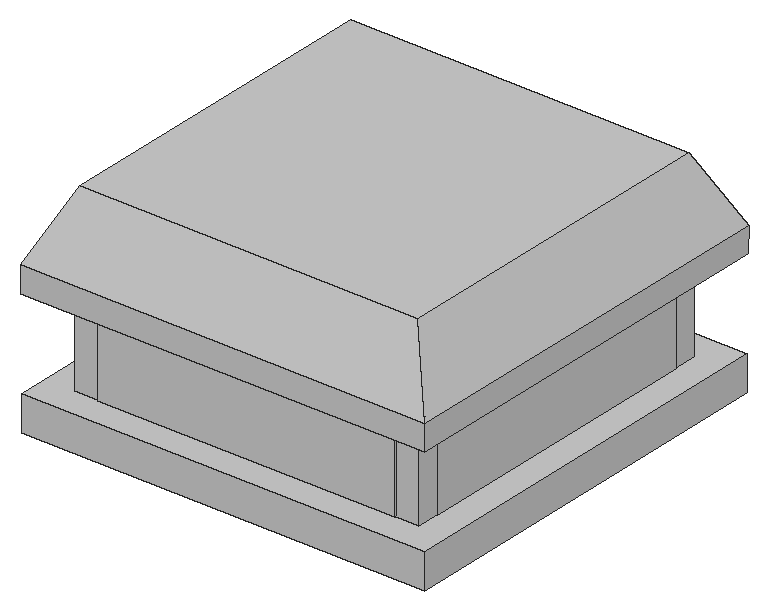
Revit family "VENTS-VKH_EC", category Mechanical Equipment, Revit 2019
Family settings
  Round Connector Dimension = Use Diameter
  Classification = None
  Part Type = Normal
  OmniClass Number = 23.75.35.17.14
  OmniClass Title = Fans, Single Units
  Work Plane-Based = No
  Always vertical = Yes
  Cut with Voids When Loaded = No
  Shared = No
  Room Calculation Point = No
Parameters (values of type "VKH 190 EC")
  gsA = A * 0.8  # 280.8 mm
  grGap2 = 20 mm  # constant formula
  grGap1 = 1 mm  # constant formula
  Weight = 8.00 kg
  Voltage = 230 V
  URL = "https://ventilation-system.com/product/vkh-190-ec"
  Type Comments = "Centrifugal roof fan VKH 190 EC"
  Transported Air Temperature (°C) = "-25...+60"
  Sound Pressure Level at 3 m (dBA) = 0
  Sound Pressure Level at 1 m (dBA) = 0
  RPM (min-1) = 3520
  Protection rating = "IP X4"
  Power Factor = 1
  Power [instance] = 102 W
  Number of Poles = 1
  Noise Level at 3 m (dBa) = 52
  Model = "VKH 190 EC"
  Maximum Air Flow = 670 m³/h
  Manufacturer = "Vents"
  Maintenance Zone Front Depth = 400 mm
  Maintenance Zone Material = Maintenance Zone
  Maintenance Zone Side Depth = 400 mm
  Maintenance Zone [instance] = no
  Load Classification = HVAC
  Ht2 = 22 mm
  Ht1 = 59 mm
  Hc = H - Ht1 - Ht2 - Hb  # 78 mm
  Hb = 30 mm
  H = 189 mm
  Grid Material = Grid Cross Zinc
  Graphical Symbol [instance] = yes
  Family Version = "1.0"  # constant formula
  Duct Connection Size = 180 mm
  Description = "Centrifugal roof fan with horizontal air discharge"
  D = 213 mm
  Current = 0.77 A
  Copyright = "©Vents"
  Casing Material = Fan Zinc
  L = 350 mm
  Apparent Power [instance] = Power / Power Factor  # 102 VA
  Air Flow [instance] = 0 m³/h
  Atop = 294 mm
  Ac = 298 mm
  A = 351 mm
Types (11, lengths in mm): name | gsA | Weight | Voltage | URL | Type Comments | Transported Air Temperature (°C) | RPM (min-1) | Power | Number of Poles | Noise Level at 3 m (dBa) | Model | Maximum Air Flow | Ht1 | Hc | H | Duct Connection Size | D | Current | L | Apparent Power | Atop | Ac | A
  VKH 190 EC | 280.8 | 8.00 kg | 230 V | "https://ventilation-system.com/product/vkh-190-ec" | "Centrifugal roof fan VKH 190 EC" | "-25...+60" | 3520 | 102 W | 1 | 52 | "VKH 190 EC" | 670 m³/h | 59 | 78 | 189 | 180 | 213 | 0.77 A | 350 | 102 VA | 294 | 298 | 351
  VKH 225 EC | 280.8 | 8.00 kg | 230 V | "https://ventilation-system.com/product/vkh-225-ec" | "Centrifugal roof fan VKH 225 EC" | "-25...+60" | 2400 | 101 W | 1 | 47 | "VKH 225 EC" | 1290 m³/h | 59 | 123 | 234 | 180 | 213 | 0.8 A | 350 | 101 VA | 295 | 298 | 351
  VKH 250 EC | 360.8 | 13.00 kg | 230 V | "https://ventilation-system.com/product/vkh-250-ec" | "Centrifugal roof fan VKH 250 EC" | "-25...+60" | 3300 | 161 W | 1 | 54 | "VKH 250 EC" | 1470 m³/h | 59 | 126 | 237 | 250 | 285 | 1.29 A | 450 | 161 VA | 394 | 398 | 451
  VKH 280 EC | 360.8 | 13.00 kg | 230 V | "https://ventilation-system.com/product/vkh-280-ec" | "Centrifugal roof fan VKH 280 EC" | "-20...+60" | 2610 | 182 W | 1 | 48 | "VKH 280 EC" | 2330 m³/h | 59 | 152 | 263 | 250 | 285 | 1.34 A | 450 | 182 VA | 394 | 398 | 451
  VKH 310 EC | 360.8 | 16.00 kg | 230 V | "https://ventilation-system.com/product/vkh-310-ec" | "Centrifugal roof fan VKH 310 EC" | "-20...+60" | 2600 | 391 W | 1 | 49 | "VKH 310 EC" | 3100 m³/h | 59 | 152 | 263 | 250 | 285 | 1.72 A | 450 | 391 VA | 394 | 398 | 451
  VKH 355 EC | 500 | 27.00 kg | 230 V | "https://ventilation-system.com/product/vkh-355-ec" | "Centrifugal roof fan VKH 355 EC" | "-25...+50" | 1550 | 669 W | 1 | 51 | "VKH 355 EC" | 3830 m³/h | 94 | 176 | 322 | 400 | 438 | 9.36 A | 620 | 669 VA | 534 | 568 | 625
  VKH 400 EC | 500 | 27.00 kg | 230 V | "https://ventilation-system.com/product/vkh-400-ec" | "Centrifugal roof fan VKH 400 EC" | "-25...+50" | 1450 | 526 W | 1 | 58 | "VKH 400 EC" | 5380 m³/h | 94 | 238 | 384 | 400 | 438 | 3.9 A | 620 | 526 VA | 534 | 568 | 625
  VKH 450 EC | 568 | 46.00 kg | 400 V | "https://ventilation-system.com/product/vkh-450-ec" | "Centrifugal roof fan VKH 450 EC" | "-20...+60" | 1560 | 1323 W | 3 | 63 | "VKH 450 EC" | 8110 m³/h | 114 | 254 | 420 | 400 | 438 | 3.27 A | 700 | 1323 VA | 600 | 624 | 710
  VKH 500 EC | 568 | 51.00 kg | 400 V | "https://ventilation-system.com/product/vkh-500-ec" | "Centrifugal roof fan VKH 500 EC" | "-25...+50" | 1480 | 1350 W | 3 | 67 | "VKH 500 EC" | 10900 m³/h | 114 | 301 | 467 | 400 | 445 | 2.08 A | 700 | 1350 VA | 600 | 624 | 710
  VKH 560 EC | 720 | 71.00 kg | 400 V | "https://ventilation-system.com/product/vkh-560-ec" | "Centrifugal roof fan VKH 560 EC" | "-25...+60" | 1540 | 2412 W | 3 | 69 | "VKH 560 EC" | 13640 m³/h | 114 | 323 | 489 | 560 | 605 | 3.83 A | 895 | 2412 VA | 790 | 838 | 900
  VKH 630 EC | 800 | 101.00 kg | 400 V | "https://ventilation-system.com/product/vkh-630-ec" | "Centrifugal roof fan VKH 630 EC" | "-25...+55" | 1450 | 2973 W | 3 | 71 | "VKH 630 EC" | 18270 m³/h | 114 | 354 | 520 | 560 | 600 | 4.66 A | 990 | 2973 VA | 892 | 915 | 1000
Reference planes
  plane 1 "Center (Front/Back)": y = 0
  plane 2: z = 0
  plane 3 "Center (Left/Right)": x = 0
  plane 4: x = -175
  plane 5: x = 175
  plane 6: y = 175
  plane 7: y = -175
  plane 8 "TopOfBottom": z = 30
  plane 9: z = 108
  plane 10 "Top": z = 189
  plane 11: x = -175.5
  plane 12: x = 175.5
  plane 13: y = 175.5
  plane 14 "Front": y = -175.5
  plane 15 "BottomOfTop": z = 130
  plane 16 "MaintananceDepthFront": y = -575.5
  plane 17 "MaintananceDepthRight": x = 575.5
  plane 18: x = -147
  plane 19: x = 147
  plane 20: y = 147
  plane 21: y = -147
  plane 22 "CenterPartLeft": x = -149
  plane 23 "CenterPartRight": x = 149
  plane 24 "CenterPartBack": y = 149
  plane 25 "CenterPartFront": y = -149
  plane 26 "MaintananceDepthLeft": x = -575.5
  plane 27 "MaintananceDepthBack": y = 575.5
  plane 28 "ElConFront": y = -75.5
  plane 29: x = -150
  plane 30: x = 150
  plane 31: y = -150
  plane 32: y = 150
  plane 33: x = -129
  plane 34: y = 129
  plane 35: x = 129
  plane 36: y = -129
Forms (mm)
  Extrusion 1, solid, material "Fan Zinc" <- "Casing Material", detail levels medium+fine
    sketch origin (0, 0, 0) x (1, 0, 0) y (0, 1, 0)
      loop
        line (-175, 175) -> (-175, -175) -> (175, -175) -> (175, 175) -> (-175, 175)
    from 0 to 30
  Extrusion 2, solid, material "Maintenance Zone" <- "Maintenance Zone Material", visible <- "Maintenance Zone", detail levels medium+fine
    sketch origin (0, 0, 0) x (1, 0, 0) y (0, 1, 0)
      loop
        line (-175.5, -175.5) -> (-175.5, -575.5) -> (175.5, -575.5) -> (175.5, -175.5) -> (-175.5, -175.5)
    from 0 to 189
  Extrusion 3, solid, material "Maintenance Zone" <- "Maintenance Zone Material", visible <- "Maintenance Zone", detail levels medium+fine
    sketch origin (0, 0, 0) x (1, 0, 0) y (0, 1, 0)
      loop
        line (175.5, 175.5) -> (175.5, -175.5) -> (575.5, -175.5) -> (575.5, 175.5) -> (175.5, 175.5)
    from 0 to 189
  Extrusion 4, solid, material "Fan Zinc" <- "Casing Material", detail levels medium+fine
    sketch origin (0, 0, 30) x (-1, 0, 0) y (0, -1, 0)
      loop
        line (149, -149) -> (149, 149) -> (-149, 149) -> (-149, -149) -> (149, -149)
    from 0 to 78
  Blend 5, solid, material "Fan Zinc" <- "Casing Material", detail levels medium+fine
    base sketch origin (0, 0, 130) x (-1, 0, 0) y (0, -1, 0)
      loop
        line (175.5, -175.5) -> (175.5, 175.5) -> (-175.5, 175.5) -> (-175.5, -175.5) -> (175.5, -175.5)
    top sketch origin (0, 0, 189) x (-1, 0, 0) y (0, -1, 0)
      loop
        line (147, -147) -> (147, 147) -> (-147, 147) -> (-147, -147) -> (147, -147)
    from 0 to 0
  Extrusion 6, solid, material "Fan Zinc" <- "Casing Material", detail levels medium+fine
    sketch origin (0, 0, 130) x (-1, 0, 0) y (0, -1, 0)
      loop
        line (175.5, -175.5) -> (175.5, 175.5) -> (-175.5, 175.5) -> (-175.5, -175.5) -> (175.5, -175.5)
    from 0 to -22
  Extrusion 7, solid, material "Maintenance Zone" <- "Maintenance Zone Material", visible <- "Maintenance Zone", detail levels medium+fine
    sketch origin (0, 0, 0) x (1, 0, 0) y (0, 1, 0)
      loop
        line (-175.5, 575.5) -> (-175.5, 175) -> (175, 175) -> (175, 575.5) -> (-175.5, 575.5)
    from 0 to 189
  Extrusion 8, solid, material "Maintenance Zone" <- "Maintenance Zone Material", visible <- "Maintenance Zone", detail levels medium+fine
    sketch origin (0, 0, 0) x (1, 0, 0) y (0, 1, 0)
      loop
        line (-575.5, 175.5) -> (-575.5, -175) -> (-175, -175) -> (-175, 175.5) -> (-575.5, 175.5)
    from 0 to 189
  Extrusion 9, solid, not visible, detail levels medium+fine
    sketch origin (0, 0, 130) x (-1, 0, 0) y (0, -1, 0)
      loop
        circle (0, 75.5) r 5
    from 0 to 30
  Extrusion 10, solid, material "Grid Cross Zinc" <- "Grid Material", detail levels fine
    sketch origin (0, 0, 30) x (-1, 0, 0) y (0, -1, 0)
      loop
        line (129, -150) -> (129, -129) -> (150, -129) -> (150, 129) -> (129, 129) -> (129, 150) -> (-129, 150) -> (-129, 129) -> (-150, 129) -> (-150, -129) -> (-129, -129) -> (-129, -150) -> (129, -150)
    from 0 to 78
Lines and regions (mm)
  symbolic lines, style "MechanicalEquipment", detail levels coarse
    curve 1: line (-175.5, 175.5, 0) -> (175.5, 175.5, 0)
    curve 2: line (-175.5, -175.5, 0) -> (-175.5, 175.5, 0)
    curve 3: line (175.5, -175.5, 0) -> (-175.5, -175.5, 0)
    curve 4: line (175.5, 175.5, 0) -> (175.5, -175.5, 0)
  symbolic lines, style "Maintenance Zone", visible <- "Maintenance Zone", detail levels medium+fine
    curve 5: line (-175.5, -175.5, 0) -> (175.5, -175.5, 0)
    curve 6: line (-175.5, -575.5, 0) -> (-175.5, -175.5, 0)
    curve 7: line (175.5, -575.5, 0) -> (-175.5, -575.5, 0)
    curve 8: line (175.5, -175.5, 0) -> (175.5, -575.5, 0)
    curve 9: line (175.5, 175.5, 0) -> (575.5, 175.5, 0)
    curve 10: line (175.5, -175.5, 0) -> (175.5, 175.5, 0)
    curve 11: line (575.5, -175.5, 0) -> (175.5, -175.5, 0)
    curve 12: line (575.5, 175.5, 0) -> (575.5, -175.5, 0)
    curve 13: line (-175.5, 575.5, 30) -> (175, 575.5, 30)
    curve 14: line (-175.5, 175, 30) -> (-175.5, 575.5, 30)
    curve 15: line (175, 175, 30) -> (-175.5, 175, 30)
    curve 16: line (175, 575.5, 30) -> (175, 175, 30)
    curve 17: line (-575.5, 175.5, 30) -> (-175, 175.5, 30)
    curve 18: line (-575.5, -175, 30) -> (-575.5, 175.5, 30)
    curve 19: line (-175, -175, 30) -> (-575.5, -175, 30)
    curve 20: line (-175, 175.5, 30) -> (-175, -175, 30)
Dimensions and locks
  equal spacing: plane 4, plane 3 "Center (Left/Right)", plane 5
  "L": plane 4 to plane 5
  equal spacing: plane 6, plane 1 "Center (Front/Back)", plane 7
  "L": plane 6 to plane 7
  "Hb": plane 8 "TopOfBottom" to level
  "Hc": plane 9 to plane 8 "TopOfBottom"
  "Ht1": plane 10 "Top" to plane 15 "BottomOfTop"
  equal spacing: plane 13, plane 1 "Center (Front/Back)", plane 14 "Front"
  "A": plane 13 to plane 14 "Front"
  equal spacing: plane 11, plane 3 "Center (Left/Right)", plane 12
  "A": plane 11 to plane 12
  "Maintenance Zone Front Depth": plane 14 "Front" to plane 16 "MaintananceDepthFront"
  equal spacing: plane 18, plane 3 "Center (Left/Right)", plane 19
  "Atop": plane 18 to plane 19
  equal spacing: plane 20, plane 1 "Center (Front/Back)", plane 21
  "Atop": plane 20 to plane 21
  "Ht2": plane 15 "BottomOfTop" to plane 9
  equal spacing: plane 22 "CenterPartLeft", plane 3 "Center (Left/Right)", plane 23 "CenterPartRight"
  "Ac": plane 22 "CenterPartLeft" to plane 23 "CenterPartRight"
  equal spacing: plane 24 "CenterPartBack", plane 1 "Center (Front/Back)", plane 25 "CenterPartFront"
  "Ac": plane 24 "CenterPartBack" to plane 25 "CenterPartFront"
  "Maintenance Zone Side Depth": plane 12 to plane 17 "MaintananceDepthRight"
  "Maintenance Zone Side Depth": plane 26 "MaintananceDepthLeft" to plane 11
  "Maintenance Zone Front Depth": plane 27 "MaintananceDepthBack" to plane 13
  locked: plane 28 "ElConFront" to plane 14 "Front" at 100
  "grGap1": plane 32 to plane 24 "CenterPartBack"
  "grGap1": plane 25 "CenterPartFront" to plane 31
  "grGap1": plane 23 "CenterPartRight" to plane 30
  "grGap1": plane 29 to plane 22 "CenterPartLeft"
  "grGap2": plane 24 "CenterPartBack" to plane 34
  "grGap2": plane 22 "CenterPartLeft" to plane 33
  "grGap2": plane 35 to plane 23 "CenterPartRight"
  "grGap2": plane 36 to plane 25 "CenterPartFront"
  aligned and locked: level to plane 2
  aligned and locked: Extrusion 1 sketch curve to plane 6
  aligned and locked: plane 4 to Extrusion 1 sketch curve
  aligned and locked: plane 7 to Extrusion 1 sketch curve
  aligned and locked: Extrusion 1 sketch curve to plane 5
  aligned and locked: plane 8 "TopOfBottom" to Extrusion 1
  aligned and locked: Extrusion 1 to level
  aligned and locked: Extrusion 2 sketch curve to plane 14 "Front"
  aligned and locked: plane 11 to Extrusion 2 sketch curve
  aligned and locked: plane 16 "MaintananceDepthFront" to Extrusion 2 sketch curve
  aligned and locked: Extrusion 2 sketch curve to plane 12
  aligned and locked: Extrusion 3 sketch curve to plane 13
  aligned and locked: plane 12 to Extrusion 3 sketch curve
  aligned and locked: plane 14 "Front" to Extrusion 3 sketch curve
  aligned and locked: Extrusion 3 sketch curve to plane 17 "MaintananceDepthRight"
  aligned and locked: plane 10 "Top" to Extrusion 3
  aligned and locked: plane 10 "Top" to Extrusion 2
  aligned and locked: nested 1 to plane 3 "Center (Left/Right)"
  aligned and locked: nested 1 to level
  aligned and locked: plane 3 "Center (Left/Right)" to nested 2
  aligned and locked: plane 1 "Center (Front/Back)" to nested 2
  aligned and locked: Extrusion 4 sketch curve to plane 24 "CenterPartBack"
  aligned and locked: plane 22 "CenterPartLeft" to Extrusion 4 sketch curve
  aligned and locked: plane 25 "CenterPartFront" to Extrusion 4 sketch curve
  aligned and locked: Extrusion 4 sketch curve to plane 23 "CenterPartRight"
  aligned and locked: plane 9 to Extrusion 4
  aligned and locked: Blend 5 sketch curve to curve 1
  aligned and locked: Blend 5 sketch curve to curve 2
  aligned and locked: Blend 5 sketch curve to Extrusion 2
  aligned and locked: Blend 5 sketch curve to Extrusion 3
  aligned and locked: Blend 5 sketch curve to plane 20
  aligned and locked: plane 18 to Blend 5 sketch curve
  aligned and locked: plane 21 to Blend 5 sketch curve
  aligned and locked: Blend 5 sketch curve to plane 19
  aligned and locked: plane 10 "Top" to Blend 5
  aligned and locked: Extrusion 6 sketch curve to curve 1
  aligned and locked: Extrusion 6 sketch curve to curve 2
  aligned and locked: Extrusion 6 sketch curve to Extrusion 2
  aligned and locked: Extrusion 6 sketch curve to Extrusion 3
  aligned and locked: Extrusion 6 to plane 9
  aligned and locked: Extrusion 7 sketch curve to plane 27 "MaintananceDepthBack"
  aligned and locked: plane 11 to Extrusion 7 sketch curve
  aligned and locked: Extrusion 7 sketch curve to Extrusion 1  (x2)
  aligned and locked: Extrusion 8 sketch curve to plane 13
  aligned and locked: plane 26 "MaintananceDepthLeft" to Extrusion 8 sketch curve
  aligned and locked: Extrusion 8 sketch curve to Extrusion 1  (x2)
  aligned and locked: plane 10 "Top" to Extrusion 8
  aligned and locked: curve 13 to Extrusion 7
  aligned and locked: curve 14 to Extrusion 7
  aligned and locked: curve 15 to Extrusion 1
  aligned and locked: curve 16 to Extrusion 7
  aligned and locked: curve 17 to Extrusion 8
  aligned and locked: curve 18 to Extrusion 8
  aligned and locked: curve 19 to Extrusion 8
  aligned and locked: curve 20 to Extrusion 1
  aligned and locked: plane 10 "Top" to Extrusion 7
  aligned and locked: Extrusion 10 sketch curve to plane 32
  aligned and locked: plane 29 to Extrusion 10 sketch curve
  aligned and locked: plane 31 to Extrusion 10 sketch curve
  aligned and locked: Extrusion 10 sketch curve to plane 30
  aligned and locked: plane 9 to Extrusion 10
Automatic sketch dimensions
  curve 1 to plane 11 = 0 mm
  curve 4 to plane 13 = 0 mm
  curve 5 to plane 12 = 0 mm
  curve 9 to plane 17 "MaintananceDepthRight" = 0 mm
  curve 7 to plane 16 "MaintananceDepthFront" = 0 mm
  curve 3 to plane 14 "Front" = 0 mm
  Extrusion 9 sketch curve to plane 3 "Center (Left/Right)" = 0 mm
  Extrusion 9 sketch curve to plane 28 "ElConFront" = 0 mm
  Extrusion 10 sketch curve to plane 35 = 0 mm  (x2)
  Extrusion 10 sketch curve to plane 33 = 0 mm  (x2)
  Extrusion 10 sketch curve to plane 34 = 0 mm  (x2)
  Extrusion 10 sketch curve to plane 36 = 0 mm  (x2)
  radius of Extrusion 9 sketch curve = 5 mm
Nested families
  nested 1: "GraphicalSymbol_Fan_3" at (0, 0, 87.75) x (-1, 0, 0) z (0, 1, 0), type "GraphicalSymbol_Fan_3", detail levels coarse
  nested 2: "GraphicalSymbol_Fun_3_Anno" at (0, 0, 0), visible <- "Graphical Symbol", type "GraphicalSymbol_Fun_3_Anno", detail levels coarse
Connectors
  hvac at (0, 0, 0), driven by "Duct Connection Size", driven by "Air Flow"
    settings: on Extrusion 1, index 1, duct flow 0 m³/h, flow factor 1, pres drop 0.0 Pa, loss coef 0, conn angle 0.00°, conn width 304.8 mm, conn height 304.8 mm, conn diameter 180 mm, duct sys type 3, conn prof type 0, flow config 2, flow direction 1, loss method 0, conn ref index -1, conn util no, is conn primary yes, conn desc ""
  electrical at (0, -75.5, 160), driven by "Number of Poles", driven by "Load Classification", driven by "Voltage", driven by "Apparent Power", driven by "Power Factor"
    settings: on Extrusion 9, index 2, voltage 230 V, apparent load 102 VA, apparent load phase1 0 VA, apparent load phase2 0 VA, apparent load phase3 0 VA, power factor 1, load classification "HVAC", number of poles 1, system type 30, power factor state 1, is connector primary yes, connector utility no, sub classification motor no, connector description ""
Definition of nested family "GraphicalSymbol_Fan_3"
  Parameters (values of type "GraphicalSymbol_Fan_3")
    Hs = H * 0.8  # 40 mm
    Default Elevation = 1219.2 mm
    H = A * 0.5  # 50 mm
    As = A * 0.7  # 70 mm
    ArrowW = H * 0.6  # 30 mm
    ArrowL = ArrowW  # 30 mm
    ArrowGap = ArrowW * 0.3  # 9 mm
    Arrow3 = yes
    Arrow2 = yes
    Arrow1 = yes
    A = 100 mm
  Reference planes
    plane 1 "Center (Front/Back)": y = 0
    plane 2: z = 0
    plane 3 "Center (Left/Right)": x = 0
    plane 4: y = 25
    plane 5: y = -25
    plane 6: x = -50
    plane 7: x = 50
    plane 8: y = 20
    plane 9: y = -20
    plane 10: x = -35
    plane 11: x = 35
    plane 12: x = 15
    plane 13: x = -15
    plane 14: y = 15
    plane 15: y = -15
    plane 16: y = 34
    plane 17: x = -59
    plane 18: x = 59
    plane 19: x = -89
    plane 20: x = 89
    plane 21: y = 64
  Lines and regions (mm)
    model lines
      curve 1: line (-50, 25, 0) -> (50, 25, 0)
      curve 2: line (-50, -25, 0) -> (-50, 25, 0)
      curve 3: line (50, -25, 0) -> (-50, -25, 0)
      curve 4: line (50, 25, 0) -> (50, -25, 0)
      curve 5: line (-35, 20, 0) -> (-35, -20, 0)
      curve 6: line (-35, -20, 0) -> (35, 20, 0)
      curve 7: line (35, 20, 0) -> (35, -20, 0)
      curve 8: line (35, -20, 0) -> (-35, 20, 0)
    model lines, visible <- "Arrow1"
      curve 9: line (-15, 34, 0) -> (15, 34, 0)
      curve 10: line (15, 34, 0) -> (0, 64, 0)
      curve 11: line (0, 64, 0) -> (-15, 34, 0)
    model lines, visible <- "Arrow2"
      curve 12: line (-59, 15, 0) -> (-59, -15, 0)
      curve 13: line (-59, -15, 0) -> (-89, 0, 0)
      curve 14: line (-89, 0, 0) -> (-59, 15, 0)
    model lines, visible <- "Arrow3"
      curve 15: line (59, 15, 0) -> (59, -15, 0)
      curve 16: line (59, -15, 0) -> (89, 0, 0)
      curve 17: line (89, 0, 0) -> (59, 15, 0)
  Dimensions and locks
    equal spacing: plane 10, plane 3 "Center (Left/Right)", plane 11
    equal spacing: plane 6, plane 3 "Center (Left/Right)", plane 7
    equal spacing: plane 4, plane 1 "Center (Front/Back)", plane 5
    equal spacing: plane 8, plane 1 "Center (Front/Back)", plane 9
    "As": plane 10 to plane 11
    "Hs": plane 8 to plane 9
    "A": plane 6 to plane 7
    "H": plane 4 to plane 5
    equal spacing: plane 13, plane 3 "Center (Left/Right)", plane 12
    "ArrowW": plane 13 to plane 12
    "ArrowGap": plane 16 to plane 4
    "ArrowL": plane 21 to plane 16
    equal spacing: plane 14, plane 1 "Center (Front/Back)", plane 15
    "ArrowW": plane 14 to plane 15
    "ArrowGap": plane 7 to plane 18
    "ArrowL": plane 18 to plane 20
    "ArrowGap": plane 17 to plane 6
    "ArrowL": plane 19 to plane 17
    aligned and locked: level to plane 2
    aligned and locked: curve 1 to plane 4
    aligned and locked: plane 6 to curve 2
    aligned and locked: plane 5 to curve 3
    aligned and locked: curve 4 to plane 7
  Automatic sketch dimensions
    plane 1 "Center (Front/Back)" to curve 14 = 0 mm
    curve 14 to plane 19 = 0 mm
    curve 13 to plane 15 = 0 mm
    curve 13 to plane 17 = 0 mm
    curve 6 to plane 9 = 0 mm
    curve 6 to plane 10 = 0 mm
    curve 11 to plane 13 = 0 mm
    curve 10 to plane 3 "Center (Left/Right)" = 0 mm
    curve 10 to plane 12 = 0 mm
    curve 7 to plane 9 = 0 mm
    curve 7 to plane 11 = 0 mm
    curve 15 to plane 15 = 0 mm
    curve 15 to plane 18 = 0 mm
    plane 1 "Center (Front/Back)" to curve 17 = 0 mm
    curve 16 to plane 20 = 0 mm
    curve 12 to plane 14 = 0 mm
    curve 15 to plane 14 = 0 mm
    curve 8 to plane 8 = 0 mm
    curve 7 to plane 8 = 0 mm
    curve 9 to plane 16 = 0 mm
    curve 10 to plane 21 = 0 mm
Definition of nested family "GraphicalSymbol_Fun_3_Anno"
  Parameters (values of type "GraphicalSymbol_Fun_3_Anno")
    Hs = 0.8 * H  # 40 mm
    H = 0.5 * A  # 50 mm
    As = 0.7 * A  # 70 mm
    A = 100 mm
  Reference planes
    plane 1 "Center (Front/Back)": y = 0
    plane 2: z = 0
    plane 3 "Center (Left/Right)": x = 0
    plane 4: x = -50
    plane 5: x = 50
    plane 6: y = 25
    plane 7: y = -25
    plane 8: x = 35
    plane 9: x = -35
    plane 10: y = 20
    plane 11: y = -20
  Lines and regions (mm)
    detail lines, in view "Ref. Level"
      curve 1: line (-50, 25, 0) -> (50, 25, 0)
      curve 2: line (-50, -25, 0) -> (-50, 25, 0)
      curve 3: line (50, -25, 0) -> (-50, -25, 0)
      curve 4: line (50, 25, 0) -> (50, -25, 0)
      curve 5: line (-35, 20, 0) -> (-35, -20, 0)
      curve 6: line (-35, -20, 0) -> (35, 20, 0)
      curve 7: line (35, 20, 0) -> (35, -20, 0)
      curve 8: line (35, -20, 0) -> (-35, 20, 0)
  Dimensions and locks
    equal spacing: plane 4, plane 3 "Center (Left/Right)", plane 5
    equal spacing: plane 9, plane 3 "Center (Left/Right)", plane 8
    "A": plane 4 to plane 5
    "As": plane 9 to plane 8
    equal spacing: plane 11, plane 1 "Center (Front/Back)", plane 10
    "Hs": plane 10 to plane 11
    equal spacing: plane 6, plane 1 "Center (Front/Back)", plane 7
    "H": plane 6 to plane 7
    aligned and locked: curve 1 to plane 6
    aligned and locked: plane 4 to curve 2
    aligned and locked: plane 7 to curve 3
    aligned and locked: curve 4 to plane 5
  Automatic sketch dimensions
    curve 8 to plane 9 = 0 mm
    curve 8 to plane 8 = 0 mm
    curve 6 to plane 11 = 0 mm
    curve 7 to plane 11 = 0 mm
    curve 7 to plane 10 = 0 mm
    curve 5 to plane 10 = 0 mm
